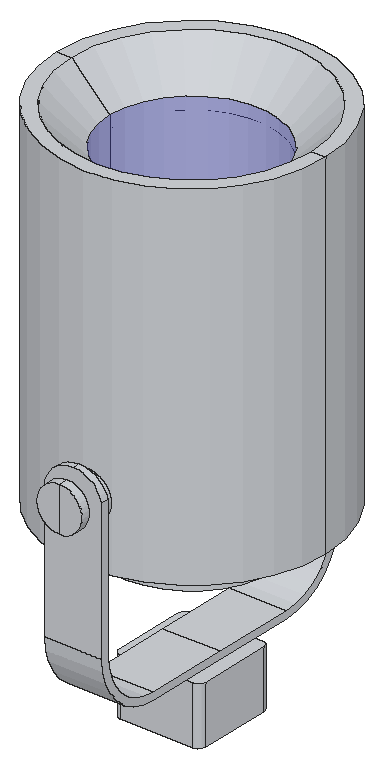
Revit family "Alcon-LITON13110", category Generic Models, host Face, Revit 2025
Family settings
  Host = Face
  Can host rebar = No
  Round Connector Dimension = Use Diameter
  Part Type = Normal
  Cut with Voids When Loaded = No
  Maintain Annotation Orientation = No
  Shared = No
  Room Calculation Point = No
Parameters
  URL = "https://www.alconlighting.com/?srsltid=AfmBOooDPhGQ0dEP-X2PMtxFfvvWpIAEL4jCll_O2F4_to5onvhnBomy"
  Product Page URL = "https://www.alconlighting.com/bella-mini-cylinder-13110.html"
  Model = "13110"
  Manufacturer = "ALCON Lighter"
  Fixture Rotation = 90.00°
  Default Elevation = 4' - 0"
Reference planes (in)
  plane 1 "Center (Front/Back)": y = 0
  plane 2: z = 0
  plane 3 "Center (Left/Right)": x = 0
  plane 4: z = 2.21166
Forms (in)
  Extrusion 1, solid
    sketch origin (0.03835, 0, 2.21166) x (0, -1, 0) y (0, 0, -1)
      loop
        line (0, 1.64916) -> (0.72361, 1.64916)
        arc (0.72361, 1.64916) -> (1.07716, 1.50272) -> (1.22361, 1.14916) r 0.5
        line (1.22361, 1.14916) -> (1.22361, -0.29381) -> (1.28611, -0.29381) -> (1.28611, 1.14824)
        arc (1.28611, 1.14824) -> (1.12109, 1.54664) -> (0.72269, 1.71166) r 0.56342
        line (0.72269, 1.71166) -> (0, 1.71166) -> (-0.72219, 1.71166)
        arc (-0.72219, 1.71166) -> (-1.12059, 1.54664) -> (-1.28561, 1.14824) r 0.56342
        line (-1.28561, 1.14824) -> (-1.28561, -0.29381) -> (-1.22311, -0.29381) -> (-1.22311, 1.14916)
        arc (-1.22311, 1.14916) -> (-1.07666, 1.50272) -> (-0.72311, 1.64916) r 0.5
        line (-0.72311, 1.64916) -> (0, 1.64916)
    from -0.28835 to 0.21165
  Extrusion 2, solid
    sketch origin (0, 0, 0.5) x (0, 1, 0) y (1, 0, 0)
      loop
        arc (-0.375, -0.3125) -> (-0.35669, -0.35669) -> (-0.3125, -0.375) r 0.0625
        line (-0.3125, -0.375) -> (0.3125, -0.375)
        arc (0.3125, -0.375) -> (0.35669, -0.35669) -> (0.375, -0.3125) r 0.0625
        line (0.375, -0.3125) -> (0.375, 0.3125)
        arc (0.375, 0.3125) -> (0.35669, 0.35669) -> (0.3125, 0.375) r 0.0625
        line (0.3125, 0.375) -> (-0.3125, 0.375)
        arc (-0.3125, 0.375) -> (-0.35669, 0.35669) -> (-0.375, 0.3125) r 0.0625
        line (-0.375, 0.3125) -> (-0.375, -0.3125)
    from 0 to 0.5
  Extrusion 3, void
    sketch origin (0, 0, 0) x (1, 0, 0) y (0, 0, 1)
      loop
        line (-0.32875, 2.54598) -> (-0.32875, 0.32939) -> (-0.26003, 0.32939) -> (-0.26003, 2.21166)
        arc (-0.26003, 2.21166) -> (-0.18387, 2.39553) -> (0, 2.47169) r 0.26003
        arc (0, 2.47169) -> (0.18387, 2.39553) -> (0.26003, 2.21166) r 0.26003
        line (0.26003, 2.21166) -> (0.26003, 0.32939) -> (0.35969, 0.32939) -> (0.35969, 2.54598) -> (-0.32875, 2.54598)
    from -6.21513 to 12
Cuts and joins
  Extrusion 3 cuts Extrusion 1
Dimensions and locks (in)
  "Fixture Rotation": angle nested 1 to plane 4
  aligned and locked: plane 2 to host face
  aligned and locked: level to host face
Automatic sketch dimensions
  host sketch curve to host sketch curve = 8' - 0"  (x2)
  plane 1 "Center (Front/Back)" to Extrusion 2 sketch curve = 0' - 0 3/8"
  Extrusion 2 sketch curve to Extrusion 2 sketch curve = 0' - 0 1/16"  (x3)
  Extrusion 2 sketch curve to plane 1 "Center (Front/Back)" = 0' - 0 5/16"  (x2)
  plane 3 "Center (Left/Right)" to Extrusion 2 sketch curve = 0' - 0 3/8"
  Extrusion 2 sketch curve to plane 3 "Center (Left/Right)" = 0' - 0 5/16"
  Extrusion 1 sketch curve to plane 1 "Center (Front/Back)" = 0' - 0"  (x2)
  Extrusion 1 sketch curve to plane 1 "Center (Front/Back)" = 0' - 0.72219"
  Extrusion 1 sketch curve to Extrusion 1 sketch curve = 0' - 0.00092"  (x3)
  Extrusion 1 sketch curve to Extrusion 1 sketch curve = 0' - 0 1/2"
  Extrusion 1 sketch curve to Extrusion 1 sketch curve = 0' - 0 1/16"  (x2)
  plane 1 "Center (Front/Back)" to Extrusion 1 sketch curve = 0' - 0.72269"
  Extrusion 1 sketch curve to plane 4 = 0' - 0.29381"  (x2)
  plane 1 "Center (Front/Back)" to Extrusion 1 sketch curve = 0' - 1.22361"
  level to Extrusion 1 sketch curve = 0' - 1.06342"
  Extrusion 3 sketch curve to plane 3 "Center (Left/Right)" = 0' - 0"
  Extrusion 3 sketch curve to plane 3 "Center (Left/Right)" = 0' - 0.32875"
  Extrusion 3 sketch curve to Extrusion 3 sketch curve = 0' - 0.09966"
  level to Extrusion 3 sketch curve = 0' - 0.32939"  (x2)
  Extrusion 3 sketch curve to plane 4 = 0' - 0.33432"
  Extrusion 3 sketch curve to Extrusion 3 sketch curve = 0' - 0"
  Extrusion 3 sketch curve to plane 4 = 0' - 0"
  Extrusion 3 sketch curve to Extrusion 3 sketch curve = 0' - 0.06872"
Nested families (in)
  nested 1: "Alcon-LITON13110_CAN_" at (0, 0, 2.21166) x (0, 0, -1) z (0, -1, 0), type "Alcon-LITON13110_CAN_"
    with built-in parameter 1001306 0.125 (stored number, unit not read)
Definition of nested family "Alcon-LITON13110_CAN_"
  Parameters (values of type "Alcon-LITON13110_CAN_")
    Wattage = 9.2903 W
    built-in parameter 1150110 = 1 (stored number, unit not read)
    built-in parameter 1114217 = 1 (stored number, unit not read)
    Tilt Angle = 60.00°
    built-in parameter 1150109 = 1 (stored number, unit not read)
    built-in parameter 1150134 = 3
    built-in parameter 1150113 = 1 (stored number, unit not read)
    built-in parameter 1010507 = 1.5708 (stored number, unit not read)
    built-in parameter 1010506 = 0.5236 (stored number, unit not read)
    built-in parameter 1150105 = 4614.1 (stored number, unit not read)
    Lumens = 1380 lm
    built-in parameter 1150115 = 1 (stored number, unit not read)
    Light Source Symbol Length = 10' - 0"
    built-in parameter 1150137 = (empty or 0)
    built-in parameter 1150139 = (empty or 0)
    built-in parameter 1001306 [instance] = 4' - 0"
    built-in parameter 1150112 = 1 (stored number, unit not read)
    built-in parameter 1150114 = 1 (stored number, unit not read)
    built-in parameter 1150132 = (empty or 0)
    built-in parameter 1150102 = (empty or 0)
    built-in parameter 1150107 = 3200 (stored number, unit not read)
    built-in parameter 1150138 = (empty or 0)
    built-in parameter 1150106 = 46.141 (stored number, unit not read)
    Glass Lens = none
    built-in parameter 1150104 = 13.8 (stored number, unit not read)
    Dimming Lamp Color Temperature Shift = (empty or 0)
    Default Elevation = 0' - 0"
    Color Filter = 16777215
    built-in parameter 1114218 = 1 (stored number, unit not read)
    built-in parameter 1150133 = 10 (stored number, unit not read)
  Reference planes (in)
    plane 1 "Center (Front/Back)": y = 0
    plane 2: z = 0
    plane 3 "Left": x = 0
    plane 4 "Right": x = 48
  Forms (in)
    Revolve 1, solid
      sketch origin (0.56598, 0, 0) x (0, 1, 0) y (-1, 0, 0)
        loop
          line (1.17, 0) -> (1.17, 3.09) -> (1.045, 3.09) -> (0.71297, 2.75797) -> (0.71297, 0.19913) -> (0, 0.19913) -> (0, -0.30074) -> (0.71297, -0.30074) -> (0.71297, 0) -> (1.17, 0)
        axis (0, -0.30074) -> (0, 3.09)
      angle from 0 to 360
    Extrusion 2, solid, material <- "Glass Lens"
      sketch origin (-2.19199, 1.17, 0) x (0, -1, 0) y (0, 0, -1)
        loop
          circle (1.17, 0) r 0.71297
      from 0 to 0.10592
    Extrusion 3, solid
      sketch origin (0, 0, 0) x (1, 0, 0) y (0, 1, 0)
        loop
          circle (0, 0) r 0.21706
      from -1.22415 to 1.22361
    Revolve 4, solid
      sketch origin (0, 0, 0) x (1, 0, 0) y (0, 0, 1)
        loop
          line (-0.08431, 1.22361) -> (0, 1.22361) -> (0, 1.43841) -> (-0.194, 1.43841) -> (-0.194, 1.35666) -> (-0.08431, 1.35666) -> (-0.08431, 1.22361)
        axis (0, 1.43841) -> (0, 1.22361)
      angle from 0 to 360
    Revolve 5, solid
      sketch origin (0, 0, 0) x (1, 0, 0) y (0, 0, 1)
        loop
          line (-0.08431, -1.22361) -> (-0.08431, -1.34434) -> (-0.16093, -1.34434) -> (-0.16093, -1.41379) -> (0, -1.41379) -> (0, -1.22361) -> (-0.08431, -1.22361)
        axis (0, -1.41379) -> (0, -1.22361)
      angle from 0 to 360
  Lines and regions (in)
    reference lines
      curve 1: line (0, 0, 0) -> (48, 0, 0)
    model lines
      curve 2: line (0, 0, 0) -> (-6.37585, 0, 0)
  Dimensions and locks (in)
    "built-in parameter 1001306": plane 3 "Left" to plane 4 "Right"
    aligned and locked: plane 4 "Right" to curve 1
    aligned and locked: plane 1 "Center (Front/Back)" to curve 1
    aligned and locked: plane 3 "Left" to curve 1
    aligned and locked: level to plane 2
  Automatic sketch dimensions
    curve 2 to level = 0' - 0"
    curve 2 to plane 3 "Left" = 0' - 0"
    curve 2 to plane 3 "Left" = 0' - 6.37585"
    plane 1 "Center (Front/Back)" to Revolve 1 sketch curve = 0' - 0"  (x2)
    Revolve 1 sketch curve to plane 1 "Center (Front/Back)" = 0' - 0.71297"
    Revolve 1 sketch curve to Revolve 1 sketch curve = 0' - 0"
    Revolve 1 sketch curve to Revolve 1 sketch curve = 0' - 0 85/256"  (x2)
    Revolve 1 sketch curve to Revolve 1 sketch curve = 0' - 0 1/8"
    plane 3 "Left" to Revolve 1 sketch curve = 0' - 0.86672"
    Revolve 1 sketch curve to Revolve 1 sketch curve = 0' - 0.30074"
    Revolve 1 sketch curve to Revolve 1 sketch curve = 0' - 0.19913"  (x2)
    Revolve 1 sketch curve to plane 3 "Left" = 0' - 2.19199"
    Revolve 1 sketch curve to Revolve 1 sketch curve = 0' - 0.18845"
    Extrusion 2 sketch curve to Extrusion 2 sketch curve = 0' - 0"  (x2)
    Extrusion 2 sketch curve to level = 0' - 0"
    Extrusion 2 sketch curve to plane 1 "Center (Front/Back)" = 0' - 0"
    Extrusion 2 sketch curve to plane 1 "Center (Front/Back)" = 0' - 0.71297"
    plane 1 "Center (Front/Back)" to Extrusion 3 sketch curve = 0' - 0"
    Extrusion 3 sketch curve to plane 3 "Left" = 0' - 0"
    Revolve 5 sketch curve to plane 3 "Left" = 0' - 0"  (x2)
    Revolve 5 sketch curve to plane 3 "Left" = 0' - 0.08431"
    Revolve 5 sketch curve to Revolve 5 sketch curve = 0' - 0.07662"
    Revolve 5 sketch curve to level = 0' - 1.41379"
    Revolve 5 sketch curve to Revolve 5 sketch curve = 0' - 0.06945"
    Revolve 5 sketch curve to Revolve 5 sketch curve = 0' - 0.12073"
    Revolve 5 sketch curve to Revolve 5 sketch curve = 0' - 0.05713"
    Revolve 5 sketch curve to Revolve 5 sketch curve = 0' - 0"
    Revolve 4 sketch curve to plane 3 "Left" = 0' - 0"  (x2)
    Revolve 4 sketch curve to Revolve 4 sketch curve = 0' - 0.08431"
    Revolve 4 sketch curve to Revolve 4 sketch curve = 0' - 0.10969"
    level to Revolve 4 sketch curve = 0' - 1.22361"
    Revolve 4 sketch curve to Revolve 4 sketch curve = 0' - 0.13305"
    Revolve 4 sketch curve to Revolve 4 sketch curve = 0' - 0.08175"  (x2)
    Revolve 4 sketch curve to Revolve 4 sketch curve = 0' - 0"
    radius of Extrusion 3 sketch curve = 0' - 0.21706"
